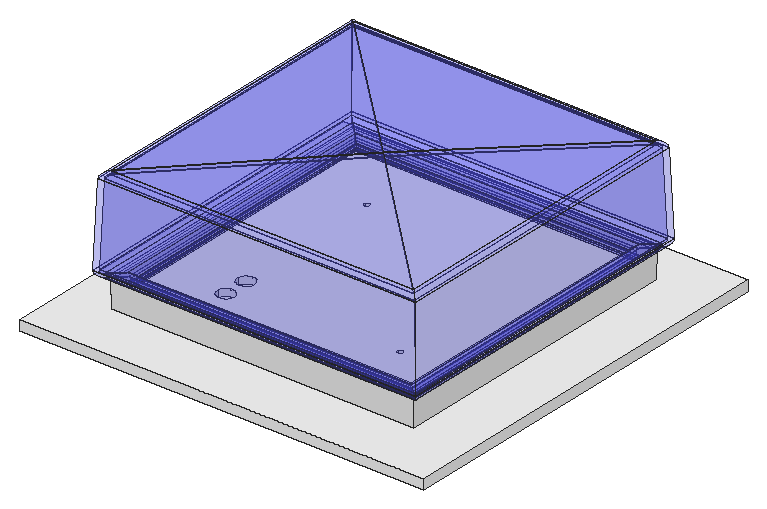
Revit family "BE_12149_de_DE", category Leuchten, Revit 2020
Family settings
  Basisbauteil = Fläche
  Bemaßung runder Anschluss = Durchmesser verwenden
  Teiletyp = Normal
  Beim Laden mit Abzugskörper schneiden = Ja
  Lichtquelle = Ja
  Gemeinsam genutzt = Nein
  Raumberechnungspunkt = Ja
Parameters (values of type "BEGA_12149_K3")
  built-in parameter 1150104 = 11.668 (stored number, unit not read)
  Wattage = 33.6 W
  Default Elevation = 0 mm
  built-in parameter 1150113 = 1 (stored number, unit not read)
  built-in parameter 1114218 = 1 (stored number, unit not read)
  Umgebungstemperatur = "25 °C"
  URL = "http://www.bega.de/de/produkt/12149"
  Typenkommentare = "© 2022 BEGA. Wir behalten uns das Recht vor, technische Änderungen ohne vorherige Ankündigung vorzunehmen."  # constant formula
  built-in parameter 1150134 = 12
  built-in parameter 1150109 = 1 (stored number, unit not read)
  Strom = ""
  built-in parameter 1150110 = 1 (stored number, unit not read)
  Spannung = 239.996 V
  Sonderanfertigung = no
  Seriennummer [instance] = "Hier können Sie die eindeutige Seriennummer für das Facility Management eintragen."
  Schutzklasse = "I"
  Schutzart = "IP 44"
  Scheinlast = 0 VA
  Produktdatenblatt = "http://www.bega.de/download/Xrfa/db/12149.db.de.pdf"
  Oberflächentemperatur = ""
  Neigungswinkel = 0.00°
  Model = "12149K4"
  Material_17 = BEGA_Reflektor
  Material_15 = BEGA_Leuchtmedium_matt
  Material_11 = BEGA_Glas_opal
  Material_09 = BEGA_Glas_klar
  Material_06 = BEGA_Oberfläche_Edelstahl_gebürstet
  Material_05 = BEGA_Oberfläche_Aluminium Guss
  Material_03 = BEGA_Oberfläche_Weiss_matt
  Material_02 = BEGA_Oberfläche_Silber_matt
  Material_01 [instance] = BEGA_Oberfläche_Grafit_matt
  M_W = no
  M_G = no
  M_A = no
  Logo = 0
  built-in parameter 1114217 = 1 (stored number, unit not read)
  built-in parameter 1150139 = (empty or 0)
  built-in parameter 1150105 = 925.07 (stored number, unit not read)
  built-in parameter 1150114 = 1 (stored number, unit not read)
  Lumens = 4219.82 lm
  built-in parameter 1150115 = 1 (stored number, unit not read)
  Leuchtenlichtstrom = "3085 lm"
  Leuchtenanzahl = ""
  Lebensdauerkriterien = "L70B50 @ 25 °C = 386000 h"
  Lastklassifizierung = Beleuchtung
  built-in parameter 1150112 = 1 (stored number, unit not read)
  Lampenlichtstrom = "4540 lm"
  Lamp = "LED 26.8 W"
  LED_Modulbezeichnung = "4x LED-0262/940"
  Hersteller = "BEGA"  # constant formula
  Halbstreuwinkel = ""
  Gewicht = "4.0 kg"
  Gebrauchslageneinschränkung [instance] = ""
  Frequenz = "0/50-60 Hz"
  Farbwiedergabeindex = "CRI > 90"
  Farbtemperaturverschiebung bei Dämpfen der Lampe = <Keine Auswahl>
  Farbtemperatur = "4000 K"
  Color Filter = 16777215
  built-in parameter 1150133 = 10 (stored number, unit not read)
  Energieeffizienzklasse = "LED A++ - A"
  built-in parameter 1150137 = (empty or 0)
  built-in parameter 1150132 = (empty or 0)
  ENEC = ""
  Dimmbar [instance] = "DALI"
  Photometric Web File = "BE_12149K4.IES"
  CE_Konformität = "ja"
  Bestellnummer = "12149K4"
  Beschreibung_Sonderanfertigung = "Hier können Sie Informationen zur Sonderanfertigung eintragen."
  Beschreibung = "Decken- und Wandleuchte"
  built-in parameter 1150106 = 9.2507 (stored number, unit not read)
  Befestigungsbohrung = "Ø 5,5 mm"
  Befestigungsabstand = "165 x 165 mm"
  Ballwurfsicher = ""
  BEGA_Intern_aus = yes
  BEGA_Intern_an = yes
  BEGA_Intern_Konstruktion = yes
  BEGA_Intern = yes
  BEGA_IES = yes
  BEGA_Dummy = no
  Anschlussleitung = ""
  Anschlussleistung [instance] = "31 W"
  Anschlusskasten = ""
  built-in parameter 1150107 = 4000 (stored number, unit not read)
  built-in parameter 1150102 = (empty or 0)
  built-in parameter 1150138 = (empty or 0)
  Aktualisierung = "2019-07-05T04:00:16"
  Abstand_zur_angestrahlten_Fläche [instance] = ""
  AC/DC = "AC/DC"
Types (2, lengths in mm): name | built-in parameter 1150104 | built-in parameter 1150134 | Model | built-in parameter 1150105 | Lumens | Leuchtenlichtstrom | Lampenlichtstrom | LED_Modulbezeichnung | Farbtemperatur | Photometric Web File | Bestellnummer | built-in parameter 1150106 | built-in parameter 1150107
  BEGA_12149_K3 | 10.894 (stored number, unit not read) | (empty or 0) | "12149K3" | 863.65 (stored number, unit not read) | 3939.94 lm | "2990 lm" | "4460 lm" | "4x LED-0262/930" | "3000 K" | "BE_12149K3.IES" | "12149K3" | 8.6365 (stored number, unit not read) | 3000 (stored number, unit not read)
  BEGA_12149_K27 | 11.668 (stored number, unit not read) | 12 | "12149K27" | 925.07 (stored number, unit not read) | 4219.82 lm | "2976 lm" | "4440 lm" | "4x LED-0262/927" | "2700 K" | "BE_12149K27.IES" | "12149K27" | 9.2507 (stored number, unit not read) | 4000 (stored number, unit not read)
Reference planes
  plane 1 "Mitte (Vorne/Hinten)": y = 0
  plane 2: z = 0
  plane 3 "Mitte (Links/Rechts)": x = 0
  plane 4 "Links": x = -159.736
  plane 5 "Rechts": x = 159.736
  plane 6 "Unten": y = -159.851
  plane 7 "Oben": y = 159.851
  plane 8 "Vorne": z = 130.722
  plane 9 "Hinten": z = 0
Forms (mm)
  Extrusion 1, solid, material "BEGA_Platte_Weiss"
    sketch origin (0, -1119.2, 0) x (1, 0, 0) y (0, 1, 0)
      loop
        line (-200, 1319.2) -> (-200, 919.2) -> (200, 919.2) -> (200, 1319.2) -> (-200, 1319.2)
    from 0 to -10
  Extrusion 2, solid, material "BEGA_Dummy_matt", visible <- "BEGA_Dummy"
    sketch origin (80.095, -76.023, 0) x (1, 0, 0) y (0, 1, 0)
      loop
        line (-239.831, 235.874) -> (-239.831, -83.828) -> (79.64, -83.828) -> (79.64, 235.874) -> (-239.831, 235.874)
    from 0 to 130.722
Dimensions and locks
  plane 1 "Mitte (Vorne/Hinten)" to Extrusion 1 = 200 mm
  aligned and locked: plane 2 to Extrusion 1
  aligned and locked: level to Extrusion 1
Nested families
  nested 1: "BE_12149" at (0, 0, 0), type "BE_12149"
Connectors
  electrical at (0, 0, 0), driven by "Lastklassifizierung", driven by "Spannung", driven by "Scheinlast"
    settings: index 1, voltage 239.996 V, apparent load 0 VA, apparent load phase1 0 VA, apparent load phase2 0 VA, apparent load phase3 0 VA, power factor 1, load classification "Beleuchtung", number of poles 1, system type 31, power factor state 1, is connector primary yes, connector utility no, sub classification motor no, connector description ""
Definition of nested family "BE_12149"
  Parameters (values of type "BE_12149")
    Default Elevation = 1 mm
    URL = "http://www.bega.de/de/produkt"
    Type Comments = "© 2015 BEGA. Wir behalten uns das Recht vor, technische Änderungen ohne vorherige Ankündigung vorzunehmen. "  # constant formula
    Type Image = (empty or 0)
    Neigungswinkel_um_Z2 = 0.00°
    Neigungswinkel_um_Z1 = 0.00°
    Neigungswinkel_um_Y2 = 0.00°
    Neigungswinkel_um_Y1 = 0.00°
    Neigungswinkel_um_X2 = 0.00°
    Neigungswinkel_um_X1 = 0.00°
    Material_17 = none
    Material_15 = none
    Material_11 = none
    Material_09 = none
    Material_06 = none
    Material_05 = none
    Material_03 = none
    Material_02 = none
    Material_01 = none
    M_W = yes
    M_G = yes
    M_A = yes
    Länge_Platte = 500 mm  # constant formula
    Höhe_Platte = -10 mm  # constant formula
    Manufacturer = "BEGA"  # constant formula
    Drehwinkel_um_Z2 = 0.00°
    Drehwinkel_um_Z1 = 0.00°
    Breite_Platte = 500 mm  # constant formula
  Reference planes
    plane 1 "Mitte (Oben/Unten)": y = 0
    plane 2: z = 0
    plane 3 "Mitte (Links/Rechts)": x = 0
    plane 4: x = -159.736
    plane 5: z = 130.722
    plane 6: x = 159.736
    plane 7: y = -159.851
    plane 8: y = 159.851
  Forms (mm)
    Extrusion 1, solid, detail levels medium
      sketch origin (0, 0, 0) x (1, 0, 0) y (0, 1, 0)
        loop
          line (-250, 250) -> (-250, -250) -> (250, -250) -> (250, 250) -> (-250, 250)
      from 0 to -10 <- "Höhe_Platte"
    Sweep 2, solid, material <- "Material_03", detail levels medium+fine
      path origin (0, 0, 0) x (1, 0, 0) y (0, 1, 0)
        loop
          line (-156.911, 156.911) -> (-156.911, -156.918) -> (156.918, -156.918) -> (156.918, 156.911) -> (-156.911, 156.911)
      profile origin (-156.911, -0.004, 0) x (1, 0, 0) y (0, 0, 1)
        loop
          line (9.245, 12.5) -> (156.911, 12.5) -> (156.911, 19) -> (9.346, 19) -> (9.111, 32.5) -> (5.911, 32.5) -> (5.937, 31) -> (6.911, 31) -> (7.364, 5) -> (9.114, 5) -> (9.245, 12.5)
    Sweep 3, solid, material <- "Material_11", detail levels medium+fine
      path origin (0, 0, 0) x (1, 0, 0) y (0, 1, 0)
        loop
          line (-150.991, 150.991) -> (-150.991, -150.999) -> (150.999, -150.999) -> (150.999, 150.991) -> (-150.991, 150.991)
      profile origin (-150.991, -0.004, 0) x (1, 0, 0) y (0, 0, 1)
        loop
          line (150.991, 127.193) -> (150.991, 130.695)
          arc (150.991, 130.695) -> (75.873, 130.189) -> (0.786, 127.955) r 3265.573
          arc (0.786, 127.955) -> (-3.885, 125.874) -> (-5.92, 121.193) r 7
          line (-5.92, 121.193) -> (-8.745, 40.287)
          arc (-8.745, 40.287) -> (-6.845, 35.233) -> (-1.913, 33.034) r 7
          line (-1.913, 33.034) -> (10.719, 32.722)
          arc (10.719, 32.722) -> (11.454, 32.267) -> (11.741, 31.452) r 1.3
          line (11.741, 31.452) -> (11.741, 27.72)
          arc (11.741, 27.72) -> (11.472, 26.928) -> (10.777, 26.464) r 1.3
          line (10.777, 26.464) -> (7.991, 25.641) -> (7.991, 20.722) -> (11.491, 20.722) -> (11.491, 23.036)
          arc (11.491, 23.036) -> (14.188, 24.72) -> (15.241, 27.72) r 4.8
          line (15.241, 27.72) -> (15.241, 31.452)
          arc (15.241, 31.452) -> (13.874, 34.806) -> (10.553, 36.251) r 4.8
          line (10.553, 36.251) -> (-2.046, 36.545)
          arc (-2.046, 36.545) -> (-4.37, 37.712) -> (-5.247, 40.159) r 3.5
          line (-5.247, 40.159) -> (-2.423, 121.049)
          arc (-2.423, 121.049) -> (-1.41, 123.399) -> (0.931, 124.432) r 3.5
          arc (0.931, 124.432) -> (75.945, 126.692) -> (150.991, 127.193) r 3249.669
    Extrusion 4, void
      sketch origin (0, 0, 0) x (1, 0, 0) y (0, 1, 0)
        loop
          circle (-79.996, -70.004) r 8.53
        loop
          circle (-79.996, -95.004) r 8.53
        loop
          circle (-82.496, 82.496) r 2.75
        loop
          circle (82.504, -82.504) r 2.75
      from 0 to 23.036
    Revolve 5, solid, material <- "Material_03", detail levels medium+fine
      sketch origin (0, 129.296, 0) x (1, 0, 0) y (0, 0, -1)
        loop
          line (-124.8, -1.5) -> (-127.8, -1.5) -> (-129.3, 0) -> (-129.3, -13.74) -> (-123.987, -13.74) -> (-124.8, -1.5)
        axis (-129.3, -13.74) -> (-129.3, 0)
      angle from 0 to 360
    Revolve 6, solid, material <- "Material_03", detail levels medium+fine
      sketch origin (0, 129.296, 0) x (-1, 0, 0) y (0, 0, 1)
        loop
          line (-124.8, 1.5) -> (-123.987, 13.74) -> (-129.3, 13.74) -> (-129.3, 0) -> (-127.8, 1.5) -> (-124.8, 1.5)
        axis (-129.3, 13.74) -> (-129.3, 0)
      angle from 0 to 360
    Revolve 7, solid, material <- "Material_03", detail levels medium+fine
      sketch origin (0, -129.296, 0) x (1, 0, 0) y (0, 0, 1)
        loop
          line (-124.8, 1.5) -> (-123.987, 13.74) -> (-129.3, 13.74) -> (-129.3, 0) -> (-127.8, 1.5) -> (-124.8, 1.5)
        axis (-129.3, 13.74) -> (-129.3, 0)
      angle from 0 to 360
    Revolve 8, solid, material <- "Material_03", detail levels medium+fine
      sketch origin (0, -129.296, 0) x (-1, 0, 0) y (0, 0, -1)
        loop
          line (-124.8, -1.5) -> (-127.8, -1.5) -> (-129.3, 0) -> (-129.3, -13.74) -> (-123.987, -13.74) -> (-124.8, -1.5)
        axis (-129.3, -13.74) -> (-129.3, 0)
      angle from 0 to 360
  Cuts and joins
    Extrusion 4 cuts Sweep 2
    joined: Sweep 2, Revolve 5, Revolve 6, Revolve 7, Revolve 8
    Extrusion 4 cuts Sweep 3
  Dimensions and locks
    equal spacing: Extrusion 1 sketch curve, plane 3 "Mitte (Links/Rechts)", Extrusion 1 sketch curve
    equal spacing: Extrusion 1 sketch curve, plane 1 "Mitte (Oben/Unten)", Extrusion 1 sketch curve
    "Länge_Platte": Extrusion 1 sketch curve to Extrusion 1 sketch curve
    "Breite_Platte": Extrusion 1 sketch curve to Extrusion 1 sketch curve
    aligned and locked: Extrusion 1 to plane 2
    aligned and locked: Extrusion 1 to level
  Automatic sketch dimensions
    Sweep 2 sketch curve to profile plane = 5.911 mm
    Sweep 2 sketch curve to Sweep 2 sketch curve = 0.026 mm
    Sweep 2 sketch curve to Sweep 2 sketch curve = 0.974 mm
    Sweep 2 sketch curve to profile plane = 7.364 mm
    Sweep 2 sketch curve to Sweep 2 sketch curve = 2.2 mm
    Sweep 2 sketch curve to Sweep 2 sketch curve = 1.75 mm
    Sweep 2 sketch curve to Sweep 2 sketch curve = 0.131 mm
    Sweep 2 sketch curve to Sweep 2 sketch curve = 0.101 mm
    level to Sweep 2 sketch curve = 12.5 mm
    Sweep 2 sketch curve to Sweep 2 sketch curve = 147.665 mm
    level to Sweep 2 sketch curve = 5 mm
    Sweep 2 sketch curve to Sweep 2 sketch curve = 6.5 mm
    Sweep 2 sketch curve to Sweep 2 sketch curve = 12 mm
    Sweep 2 sketch curve to Sweep 2 sketch curve = 1.5 mm
    Sweep 3 sketch curve to Sweep 3 sketch curve = 0 mm  (x18)
    profile plane to Sweep 3 sketch curve = 8.745 mm
    profile plane to Sweep 3 sketch curve = 5.92 mm
    Sweep 3 sketch curve to Sweep 3 sketch curve = 3.498 mm
    profile plane to Sweep 3 sketch curve = 2.423 mm
    profile plane to Sweep 3 sketch curve = 2.046 mm
    profile plane to Sweep 3 sketch curve = 1.75 mm
    Sweep 3 sketch curve to profile plane = 1.076 mm
    Sweep 3 sketch curve to profile plane = 7.991 mm
    Sweep 3 sketch curve to Sweep 3 sketch curve = 2.45 mm
    Sweep 3 sketch curve to Sweep 3 sketch curve = 0.112 mm
    Sweep 3 sketch curve to Sweep 3 sketch curve = 0.278 mm
    Sweep 3 sketch curve to Sweep 3 sketch curve = 0.336 mm
    Sweep 3 sketch curve to Sweep 3 sketch curve = 3.5 mm
    Sweep 3 sketch curve to profile plane = 135.163 mm
    Sweep 3 sketch curve to Sweep 3 sketch curve = 0.27 mm
    Sweep 3 sketch curve to Sweep 3 sketch curve = 149.915 mm
    Sweep 3 sketch curve to level = 3134.841 mm
    Sweep 3 sketch curve to Sweep 3 sketch curve = 12.403 mm
    level to Sweep 3 sketch curve = 20.722 mm
    Sweep 3 sketch curve to Sweep 3 sketch curve = 2.314 mm
    Sweep 3 sketch curve to Sweep 3 sketch curve = 2.605 mm
    Sweep 3 sketch curve to Sweep 3 sketch curve = 0.823 mm
    Sweep 3 sketch curve to Sweep 3 sketch curve = 1.256 mm  (x2)
    Sweep 3 sketch curve to Sweep 3 sketch curve = 3.732 mm  (x2)
    Sweep 3 sketch curve to Sweep 3 sketch curve = 1.27 mm
    Sweep 3 sketch curve to Sweep 3 sketch curve = 3.529 mm
    Sweep 3 sketch curve to Sweep 3 sketch curve = 0.294 mm
    Sweep 3 sketch curve to Sweep 3 sketch curve = 3.487 mm
    Sweep 3 sketch curve to Sweep 3 sketch curve = 0.128 mm
    Sweep 3 sketch curve to Sweep 3 sketch curve = 80.903 mm
    Sweep 3 sketch curve to Sweep 3 sketch curve = 0.114 mm
    Sweep 3 sketch curve to Sweep 3 sketch curve = 0.143 mm
    level to Sweep 3 sketch curve = 127.193 mm
    Sweep 3 sketch curve to Sweep 3 sketch curve = 3.502 mm
    profile plane to Sweep 3 sketch curve = 1.913 mm
    Sweep 3 sketch curve to profile plane = 0.786 mm
    Sweep 3 sketch curve to Sweep 3 sketch curve = 0.001 mm  (x2)
    Sweep 3 sketch curve to profile plane = 0.93 mm
    Sweep 3 sketch curve to Sweep 3 sketch curve = 0.017 mm
    Extrusion 4 sketch curve to Extrusion 4 sketch curve = 0 mm
    Extrusion 4 sketch curve to Extrusion 4 sketch curve = 25 mm
    level to Revolve 5 sketch curve = 0 mm
    Revolve 5 sketch curve to Revolve 5 sketch curve = 1.5 mm
    level to Revolve 5 sketch curve = 1.5 mm
    Revolve 5 sketch curve to Revolve 5 sketch curve = 3 mm
    Revolve 5 sketch curve to Revolve 5 sketch curve = 5.313 mm
    Revolve 5 sketch curve to Revolve 5 sketch curve = 12.24 mm
    Revolve 5 sketch curve to Revolve 5 sketch curve = 0 mm
    Revolve 5 sketch curve to level = 0.244 mm
    Revolve 5 sketch curve to Revolve 5 sketch curve = 2.242 mm
    level to Revolve 6 sketch curve = 0 mm
    Revolve 6 sketch curve to Revolve 6 sketch curve = 1.5 mm
    level to Revolve 6 sketch curve = 1.5 mm
    Revolve 6 sketch curve to Revolve 6 sketch curve = 3 mm
    Revolve 6 sketch curve to Revolve 6 sketch curve = 5.313 mm
    Revolve 6 sketch curve to Revolve 6 sketch curve = 12.24 mm
    Revolve 6 sketch curve to Revolve 6 sketch curve = 0 mm
    Revolve 6 sketch curve to level = 0.244 mm
    Revolve 6 sketch curve to Revolve 6 sketch curve = 2.242 mm
    level to Revolve 7 sketch curve = 0 mm
    Revolve 7 sketch curve to Revolve 7 sketch curve = 1.5 mm
    level to Revolve 7 sketch curve = 1.5 mm
    Revolve 7 sketch curve to Revolve 7 sketch curve = 3 mm
    Revolve 7 sketch curve to Revolve 7 sketch curve = 5.313 mm
    Revolve 7 sketch curve to Revolve 7 sketch curve = 12.24 mm
    Revolve 7 sketch curve to Revolve 7 sketch curve = 0 mm
    Revolve 7 sketch curve to level = 0.244 mm
    Revolve 7 sketch curve to Revolve 7 sketch curve = 2.242 mm
    level to Revolve 8 sketch curve = 0 mm
    Revolve 8 sketch curve to Revolve 8 sketch curve = 1.5 mm
    level to Revolve 8 sketch curve = 1.5 mm
    Revolve 8 sketch curve to Revolve 8 sketch curve = 3 mm
    Revolve 8 sketch curve to Revolve 8 sketch curve = 5.313 mm
    Revolve 8 sketch curve to Revolve 8 sketch curve = 12.24 mm
    Revolve 8 sketch curve to Revolve 8 sketch curve = 0 mm
    Revolve 8 sketch curve to level = 0.244 mm
    Revolve 8 sketch curve to Revolve 8 sketch curve = 2.242 mm
    Sweep 2 sketch curve to plane 3 "Mitte (Links/Rechts)" = 156.911 mm
    Sweep 3 sketch curve to plane 3 "Mitte (Links/Rechts)" = 150.991 mm
    Extrusion 4 sketch curve to plane 3 "Mitte (Links/Rechts)" = 79.996 mm
    Extrusion 4 sketch curve to plane 3 "Mitte (Links/Rechts)" = 82.496 mm
    Revolve 5 sketch curve to plane 3 "Mitte (Links/Rechts)" = 129.3 mm
    Revolve 7 sketch curve to plane 3 "Mitte (Links/Rechts)" = 129.3 mm
    plane 3 "Mitte (Links/Rechts)" to Sweep 2 sketch curve = 156.918 mm
    plane 3 "Mitte (Links/Rechts)" to Sweep 3 sketch curve = 150.999 mm
    plane 3 "Mitte (Links/Rechts)" to Extrusion 4 sketch curve = 82.504 mm
    plane 3 "Mitte (Links/Rechts)" to Revolve 6 sketch curve = 129.3 mm
    plane 3 "Mitte (Links/Rechts)" to Revolve 8 sketch curve = 129.3 mm
    plane 1 "Mitte (Oben/Unten)" to Sweep 2 sketch curve = 156.918 mm
    plane 1 "Mitte (Oben/Unten)" to Sweep 3 sketch curve = 150.999 mm
    plane 1 "Mitte (Oben/Unten)" to Extrusion 4 sketch curve = 70.004 mm
    plane 1 "Mitte (Oben/Unten)" to Extrusion 4 sketch curve = 82.504 mm
    Sweep 2 sketch curve to plane 1 "Mitte (Oben/Unten)" = 156.911 mm
    Sweep 3 sketch curve to plane 1 "Mitte (Oben/Unten)" = 150.991 mm
    Extrusion 4 sketch curve to plane 1 "Mitte (Oben/Unten)" = 82.496 mm
    radius of Extrusion 4 sketch curve = 8.53 mm  (x2)
    radius of Extrusion 4 sketch curve = 2.75 mm  (x2)
